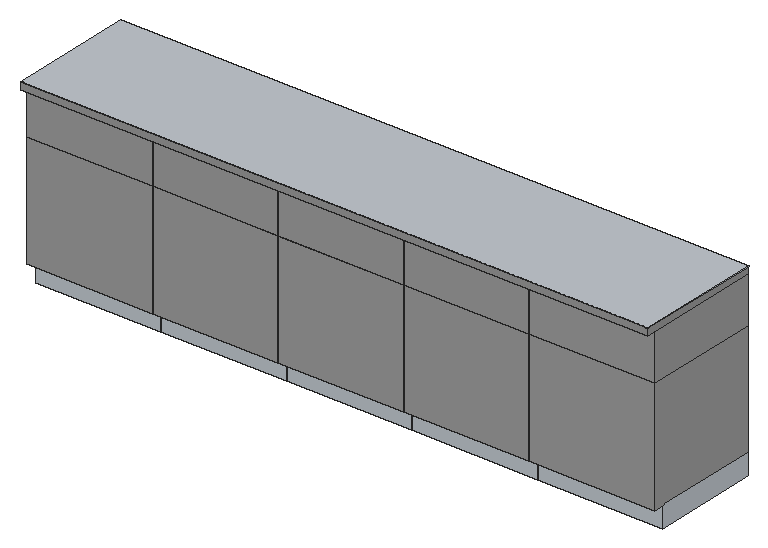
Revit family "DoorBench", category Furniture, Revit 2025
Family settings
  OmniClass Number = 23.40.20.00
  OmniClass Title = General Furniture and Specialties
  Work Plane-Based = No
  Enable Cutting in Views = No
  Always vertical = Yes
  Cut with Voids When Loaded = No
  Render Appearance Source = Family Geometry
  Shared = No
  Room Calculation Point = No
Parameters
  Default Elevation = 0 mm
Reference planes
  plane 1 "CentreLong": y = 0
  plane 2: z = 0
  plane 3 "LeftEdge": x = -1320
  plane 4 "FrontEdge": y = -600
  plane 5 "BenchTop": z = 900
  plane 6 "BenchBottom": z = 865
  plane 7 "DrawerInner": x = 180
  plane 8 "RightEdge": x = 1680
  plane 9 "CupboardFront": y = -560
  plane 10: x = 1080
  plane 11: x = 480
  plane 12: x = -120
  plane 13: x = -720
  plane 14 "DrawerBottom": z = 645
  plane 15 "Kickboard": y = -510
  plane 16 "KickTop": z = 100
  plane 17: z = 0
Forms (mm)
  Extrusion 1, solid, material "Birch - Glossy"
    sketch origin (0, 25, 0) x (1, 0, 0) y (0, 1, 0)
      loop
        line (-1320, -25) -> (-1320, -625) -> (1680, -625) -> (1680, -25) -> (-1320, -25)
    from 865 to 898
  Extrusion 2, solid, material "Asphalt, Pavement"
    sketch origin (-80, 5, 0) x (1, 0, 0) y (0, 1, 0)
      loop
        line (-1240, -5) -> (-1240, -605) -> (1760, -605) -> (1760, -5) -> (-1240, -5)
    from 898 to 900
  Extrusion 3, solid, material "Macedon Mist", not visible
    sketch origin (-1500, 1053.597, 2.43) x (1, 0, 0) y (0, 1, 0)
      loop
        line (180, -1053.597) -> (180, -1613.597) -> (780, -1613.597) -> (780, -1053.597) -> (180, -1053.597)
    from 642.57 to 862.57
  Extrusion 4, solid, material "Macedon Mist", not visible
    sketch origin (-3180, 87.193, -346.517) x (1, 0, 0) y (0, 1, 0)
      loop
        line (1860, -87.193) -> (1860, -647.193) -> (2460, -647.193) -> (2460, -87.193) -> (1860, -87.193)
    from 446.517 to 991.517
  Extrusion 5, solid, material "Asphalt, Pavement", not visible
    sketch origin (0, 0, 0) x (1, 0, 0) y (0, 0, 1)
      loop
        line (-1320, 100) -> (-1320, 0) -> (-720, 0) -> (-720, 100) -> (-1320, 100)
    from 0 to 510
  Extrusion 6, solid, material "Macedon Mist"
    sketch origin (-1500, 1053.597, 2.43) x (1, 0, 0) y (0, 1, 0)
      loop
        line (180, -1053.597) -> (180, -1613.597) -> (780, -1613.597) -> (780, -1053.597) -> (180, -1053.597)
    from 642.57 to 862.57
  Extrusion 7, solid, material "Macedon Mist"
    sketch origin (-3180, 87.193, -346.517) x (1, 0, 0) y (0, 1, 0)
      loop
        line (1860, -87.193) -> (1860, -647.193) -> (2460, -647.193) -> (2460, -87.193) -> (1860, -87.193)
    from 446.517 to 991.517
  Extrusion 8, solid, material "Asphalt, Pavement"
    sketch origin (0, 0, 0) x (1, 0, 0) y (0, 0, 1)
      loop
        line (-1320, 100) -> (-1320, 0) -> (-720, 0) -> (-720, 100) -> (-1320, 100)
    from 0 to 510
  Extrusion 9, solid, material "Macedon Mist"
    sketch origin (-900, 1053.597, 2.43) x (1, 0, 0) y (0, 1, 0)
      loop
        line (180, -1053.597) -> (180, -1613.597) -> (780, -1613.597) -> (780, -1053.597) -> (180, -1053.597)
    from 642.57 to 862.57
  Extrusion 10, solid, material "Macedon Mist"
    sketch origin (-2580, 87.193, -346.517) x (1, 0, 0) y (0, 1, 0)
      loop
        line (1860, -87.193) -> (1860, -647.193) -> (2460, -647.193) -> (2460, -87.193) -> (1860, -87.193)
    from 446.517 to 991.517
  Extrusion 11, solid, material "Asphalt, Pavement"
    sketch origin (600, 0, 0) x (1, 0, 0) y (0, 0, 1)
      loop
        line (-1320, 100) -> (-1320, 0) -> (-720, 0) -> (-720, 100) -> (-1320, 100)
    from 0 to 510
  Extrusion 12, solid, material "Macedon Mist"
    sketch origin (-300, 1053.597, 2.43) x (1, 0, 0) y (0, 1, 0)
      loop
        line (180, -1053.597) -> (180, -1613.597) -> (780, -1613.597) -> (780, -1053.597) -> (180, -1053.597)
    from 642.57 to 862.57
  Extrusion 13, solid, material "Macedon Mist"
    sketch origin (-1980, 87.193, -346.517) x (1, 0, 0) y (0, 1, 0)
      loop
        line (1860, -87.193) -> (1860, -647.193) -> (2460, -647.193) -> (2460, -87.193) -> (1860, -87.193)
    from 446.517 to 991.517
  Extrusion 14, solid, material "Asphalt, Pavement"
    sketch origin (1200, 0, 0) x (1, 0, 0) y (0, 0, 1)
      loop
        line (-1320, 100) -> (-1320, 0) -> (-720, 0) -> (-720, 100) -> (-1320, 100)
    from 0 to 510
  Extrusion 15, solid, material "Macedon Mist"
    sketch origin (300, 1053.597, 2.43) x (1, 0, 0) y (0, 1, 0)
      loop
        line (180, -1053.597) -> (180, -1613.597) -> (780, -1613.597) -> (780, -1053.597) -> (180, -1053.597)
    from 642.57 to 862.57
  Extrusion 16, solid, material "Macedon Mist"
    sketch origin (-1380, 87.193, -346.517) x (1, 0, 0) y (0, 1, 0)
      loop
        line (1860, -87.193) -> (1860, -647.193) -> (2460, -647.193) -> (2460, -87.193) -> (1860, -87.193)
    from 446.517 to 991.517
  Extrusion 17, solid, material "Asphalt, Pavement"
    sketch origin (1800, 0, 0) x (1, 0, 0) y (0, 0, 1)
      loop
        line (-1320, 100) -> (-1320, 0) -> (-720, 0) -> (-720, 100) -> (-1320, 100)
    from 0 to 510
  Extrusion 18, solid, material "Macedon Mist"
    sketch origin (900, 1053.597, 2.43) x (1, 0, 0) y (0, 1, 0)
      loop
        line (180, -1053.597) -> (180, -1613.597) -> (780, -1613.597) -> (780, -1053.597) -> (180, -1053.597)
    from 642.57 to 862.57
  Extrusion 19, solid, material "Macedon Mist"
    sketch origin (-780, 87.193, -346.517) x (1, 0, 0) y (0, 1, 0)
      loop
        line (1860, -87.193) -> (1860, -647.193) -> (2460, -647.193) -> (2460, -87.193) -> (1860, -87.193)
    from 446.517 to 991.517
  Extrusion 20, solid, material "Asphalt, Pavement"
    sketch origin (2400, 0, 0) x (1, 0, 0) y (0, 0, 1)
      loop
        line (-1320, 100) -> (-1320, 0) -> (-720, 0) -> (-720, 100) -> (-1320, 100)
    from 0 to 510
Text (mm)
  text "Macedon Mist is AFB8C1" at (2272.836, 0, 2006.817), in view "FrontDoorBench"
Dimensions and locks
  plane 4 "FrontEdge" to plane 1 "CentreLong" = 600 mm
  plane 3 "LeftEdge" to plane 8 "RightEdge" = 3000 mm
  plane 7 "DrawerInner" to plane 8 "RightEdge" = 1500 mm
  aligned and locked: level to plane 2
